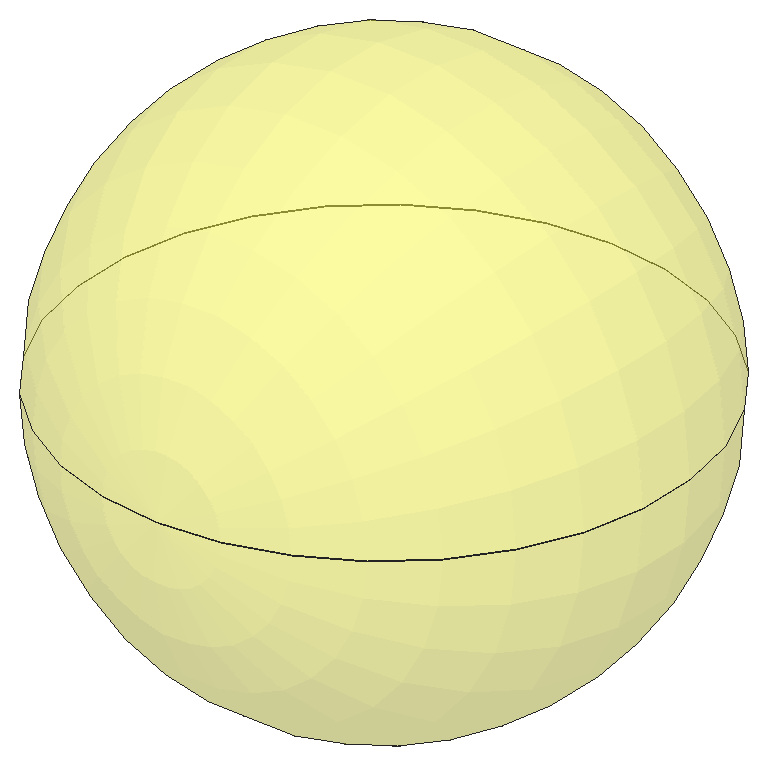
Revit family "ClashPoint_Small", category Обобщенные модели, Revit 2023
Family settings
  Может служить основой для арматурных стержней = Нет
  Размер круглого соединителя = Использовать диаметр
  Тип детали = Нормальный
  На основе рабочей плоскости = Нет
  Всегда вертикально = Да
  При загрузке вырезать с полостями = Нет
  Сохранять ориентацию аннотаций = Нет
  Общий = Нет
  Точка принадлежности помещению = Нет
Parameters (values of type "ClashPoint")
  Отметка по умолчанию = 0 mm
  Комментарии к типоразмеру = "ClashPoint"  # constant formula
  Ключевая пометка = "SYS"  # constant formula
  Группа модели = "NavisWorks"  # constant formula
Reference planes
  plane 1 "По центру (Вперед/Назад)": y = 0
  plane 2: z = 0
  plane 3 "По центру (Влево/Вправо)": x = 0
Forms (mm)
  Revolve 1, solid, material "NavisWorks_ClashObject"
    sketch origin (0, 0, 0) x (1, 0, 0) y (0, 1, 0)
      loop
        arc (0, 300) -> (-300, 0) -> (0, -300) r 300
        line (0, -300) -> (0, 300)
      axis (0, 300) -> (0, -300)
    angle from 0 to 360
Lines and regions (mm)
  model lines, style "NavisWorks_ClashPoint"
    curve 1: circle (0, 0, 0) r 300 normal (0, 0, 1)
    curve 2: circle (0, 0, 0) r 300 normal (0, -1, 0)
    curve 3: circle (0, 0, 0) r 300 normal (1, 0, 0)
    curve 4: line (0, -750, 0) -> (0, 750, 0)
    curve 5: line (-750, 0, 0) -> (750, 0, 0)
    curve 6: line (0, 0, -750) -> (0, 0, 750)
Dimensions and locks
  aligned and locked: level to plane 2
